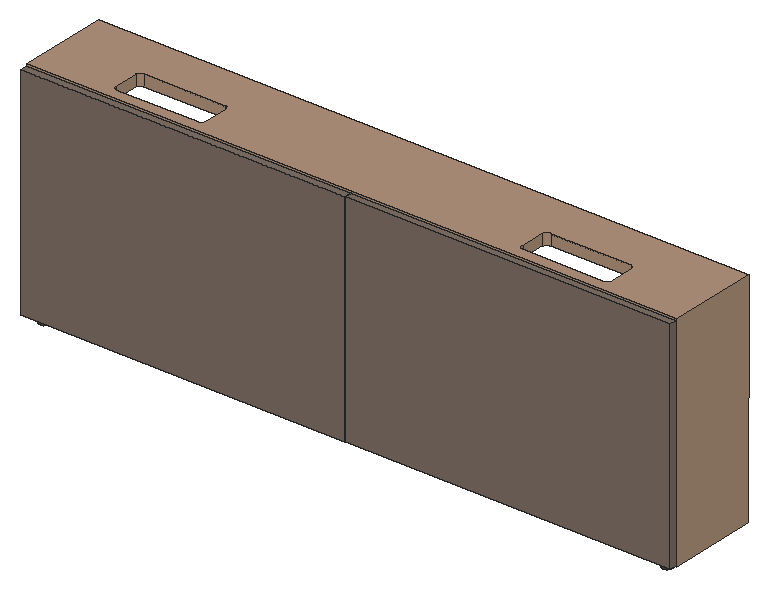
Revit family "Workstations-Height_Adjustable-Teknion-BHKHA-Mid_Height_Kneespace_Module-R2018", category Furniture, Revit 2018
Family settings
  OmniClass Number = 23.40.20.00
  OmniClass Title = General Furniture and Specialties
  Work Plane-Based = No
  Always vertical = Yes
  Cut with Voids When Loaded = No
  Shared = Yes
  Room Calculation Point = No
Parameters (values of type "9"d x 21"h")
  Width [instance] = 60.000"
  Warranty = "http://www.teknion.com/ca/papers/legal-canada"
  Unit Weight URL = "http://www.teknion.com/ca/tools/assets#&asset=bee6a381-b954-425e-8283-5a2de3a804f2,f828d448-4b62-4231-9e5f-9a8991c0ed77"
  URL = "www.teknion.com"
  To render please download texture images found here [instance] = "https://assets.teknion.com/web/5e81352c1dfdb467/revit-material-swatches/"
  Sustainability Data = "https://www.teknion.com/ca/tools/assets#&topic=216f99a5-57a0-44fc-b10a-9dee9b29ae4c&asset=444deb64-fe58-4b68-981e-f75e97781df7,b4ff2d81-9f2e-437d-9659-7cffb09c31cf"
  Series = "Expansion Casegoods"  # constant formula
  Product Page URL = "https://www.teknion.com/ca/products/product-details?productLineId=0053336e-8e7a-673b-a6c8-ff00004460c4"
  Product Line = "Expansion Casegoods"  # constant formula
  Product Documentation Link = "https://www.teknion.com/pricing/expansion-casegoods/pdfs/BHKHA_ppg.pdf"
  Part Number = "BHKHA"  # constant formula
  Model = "BHKHA9__21"
  Manufacturer Phone = "416-661-3370"  # constant formula
  Manufacturer Fax = "416.661.4586"  # constant formula
  Manufacturer Contact Information = "http://www.teknion.com/ca/contactus"
  Manufacturer Address = "1150 Flint Road, Toronto, ON. M3J 2J5. Canada"  # constant formula
  Manufacturer = "Teknion"  # constant formula
  How To Use Teknion Materials User Guide [instance] = "https://assets.teknion.com/m/205dd0a49fa58060/original/How-to-add-a-Material-Library-and-Texture-Images-to-your-Revit-project.pdf"
  Front Finish [instance] = Veneer-Teknion-5U-Flintwood-Raw_Umber
  For Additional Finishes please visit [instance] = "https://assets.teknion.com/m/44a8009b046e5d47/original/Teknion_Materials_Library.zip"
  Description = "Mid-Height Kneespace Module for Height-Adjustability, 9\" Depth, 21\" Height"
  Connection Node Visibility [instance] = yes
  Case Finish [instance] = Source Laminate - Teknion - 3M - Provincial Oak (Cross Grain)
  Cabinet Hole Offset [instance] = if(Width > 53.000", 7.060", 2.334")  # 7.060"
  Cabinet Divider Cut Hole Depth [instance] = if(Width > 59.000", 2.701", 0.500")  # 2.701"
  Cabinet Divider 2D Lines [instance] = if(Width > 59.000", 1 < 2, 1 > 2)  # yes
  Available Widths [instance] = "42, 48, 54, 60, 66, 72, 78, 84, or 90 inches."  # constant formula
  Assembly Code = "E2020200"
  Actual Width [instance] = if(Width = 42.000", 41.790", if(Width = 48.000", 47.760", if(Width = 54.000", 53.730", if(Width = 60.000", 59.700", if(Width = 66.000", 65.670", if(Width = 72.000", 71.640", if(Width = 78.000", 77.610", if(Width = 84.000", 83.580", if(Width = 90.000", 89.550", 41.790")))))))))  # 59.700"
Reference planes (in)
  plane 1 "Center Front/Back": y = 0.25676
  plane 2: z = 0
  plane 3 "Center Left/Right": x = -0.11732
  plane 4 "Left": x = -29.96732
  plane 5 "Right": x = 29.73268
  plane 6 "Back": y = 4.73426
  plane 7 "Front": y = -4.22074
  plane 8 "Top": z = 21
  plane 9: y = -6.22074
Forms (in)
  Sweep 1, solid, material "Source Laminate - Teknion - 3M - Provincial Oak (Cross Grain)" <- "Case Finish"
    path origin (0, 0.25676, 0) x (1, 0, 0) y (0, 0, 1)
      loop
        line (-0.11732, 0.60236) -> (-0.11732, 21)
    profile origin (-0.11732, 0.25676, 10.80118) x (-1, 0, 0) y (0, -1, 0)
      loop
        line (-29.85, 3.77671) -> (-29.85, -4.4775) -> (29.85, -4.4775) -> (29.85, 3.77671) -> (-29.85, 3.77671)
  Sweep 2, solid, material "Veneer-Teknion-5U-Flintwood-Raw_Umber" <- "Front Finish"
    path origin (0, 0, 0) x (1, 0, 0) y (0, 1, 0)
      loop
        line (-0.11732, -3.51995) -> (-0.11732, -4.22074)
    profile origin (-0.11732, -3.87034, 0) x (1, 0, 0) y (0, 0, 1)
      loop
        line (-29.85, 0.72047) -> (29.85, 0.72047) -> (29.85, 20.88189) -> (-29.85, 20.88189) -> (-29.85, 0.72047)
  Sweep 3, void
    path origin (0, 0.25676, 0) x (1, 0, 0) y (0, 0, 1)
      loop
        line (-23.49982, 19.23425) -> (-23.49982, 22.73425)
    profile origin (-23.49982, 0.25676, 20.98425) x (-1, 0, 0) y (0, -1, 0)
      loop
        line (-8.41337, -0.36333) -> (-1.03935, -0.36333)
        arc (-1.03935, -0.36333) -> (-0.72338, -0.23245) -> (-0.5925, 0.08352) r 0.44685
        line (-0.5925, 0.08352) -> (-0.5925, 2.30006)
        arc (-0.5925, 2.30006) -> (-0.72338, 2.61603) -> (-1.03935, 2.74691) r 0.44685
        line (-1.03935, 2.74691) -> (-8.41337, 2.74691)
        arc (-8.41337, 2.74691) -> (-8.72934, 2.61603) -> (-8.86022, 2.30006) r 0.44685
        line (-8.86022, 2.30006) -> (-8.86022, 0.08352)
        arc (-8.86022, 0.08352) -> (-8.72934, -0.23245) -> (-8.41337, -0.36333) r 0.44685
  Sweep 4, void
    path origin (0, 0.25676, 0) x (1, 0, 0) y (0, 0, 1)
      loop
        line (14.31018, 22.73425) -> (14.31018, 19.23425)
    profile origin (14.31018, 0.25676, 20.98425) x (0, -1, 0) y (1, 0, 0)
      loop
        line (-0.36333, 7.91565) -> (-0.36333, 0.54163)
        arc (-0.36333, 0.54163) -> (-0.23245, 0.22566) -> (0.08352, 0.09478) r 0.44685
        line (0.08352, 0.09478) -> (2.30006, 0.09478)
        arc (2.30006, 0.09478) -> (2.61603, 0.22566) -> (2.74691, 0.54163) r 0.44685
        line (2.74691, 0.54163) -> (2.74691, 7.91565)
        arc (2.74691, 7.91565) -> (2.61603, 8.23162) -> (2.30006, 8.3625) r 0.44685
        line (2.30006, 8.3625) -> (0.08352, 8.3625)
        arc (0.08352, 8.3625) -> (-0.23245, 8.23162) -> (-0.36333, 7.91565) r 0.44685
  Sweep 5, solid, material "Plastic - Teknion - E - Ebony"
    path origin (0, 0.25676, 0) x (1, 0, 0) y (0, 0, 1)
      loop
        line (-0.11732, 0) -> (-0.11732, 0.60236)
    profile origin (-0.11732, 0.25676, 0.30118) x (-1, 0, 0) y (0, -1, 0)
      loop
        circle (28.59264, -3.22941) r 0.5
      loop
        circle (28.59264, 3.22941) r 0.5
      loop
        circle (-28.59264, -3.22941) r 0.5
      loop
        circle (-28.59264, 3.22941) r 0.5
  Sweep 6, void
    path origin (0, 0.25676, 0) x (1, 0, 0) y (0, 0, 1)
      loop
        line (-0.11732, 1.61811) -> (-0.11732, 19.98425)
    profile origin (-0.11732, 0.25676, 10.80118) x (-1, 0, 0) y (0, -1, 0)
      loop
        line (28.83425, -3.77671) -> (28.83425, 3.77671) -> (-28.83425, 3.77671) -> (-28.83425, -3.77671) -> (28.83425, -3.77671)
  Sweep 7, void
    path origin (0, 0, 0) x (1, 0, 0) y (0, 1, 0)
      loop
        line (-0.11732, 4.73426) -> (-0.11732, 4.03348)
    profile origin (-0.11732, 4.38387, 0) x (1, 0, 0) y (0, 0, 1)
      loop
        line (-28.83425, 19.98425) -> (-28.83425, 9) -> (28.83425, 9) -> (28.83425, 19.98425) -> (-28.83425, 19.98425)
  Sweep 8, solid, material "Source Laminate - Teknion - 3M - Provincial Oak (Cross Grain)" <- "Case Finish"
    path origin (0, 0, 0) x (1, 0, 0) y (0, 1, 0)
      loop
        line (-0.6252, 0.25676) -> (0.39055, 0.25676)
    profile origin (-0.11732, 0.25676, 0) x (0, 1, 0) y (0, 0, 1)
      loop
        line (3.77671, 1.61811) -> (3.77671, 19.98425) -> (-3.77671, 19.98425) -> (-3.77671, 1.61811) -> (3.77671, 1.61811)
  Sweep 9, void
    path origin (0, 0, 0) x (1, 0, 0) y (0, 1, 0)
      loop
        line (-0.11732, -6.22074) -> (-0.11732, -3.51974)
    profile origin (-0.11732, -4.87024, 0) x (-1, 0, 0) y (0, 0, 1)
      loop
        line (0.05906, 20.88189) -> (-0.05906, 20.88189) -> (-0.05906, 0.72047) -> (0.05906, 0.72047) -> (0.05906, 20.88189)
Cuts and joins
  Sweep 3, Sweep 4, Sweep 6, Sweep 7 cuts Sweep 1
  Sweep 9 cuts Sweep 2
Lines and regions (in)
  Masking region 1
    outline origin (0, 0, 0) x (1, 0, 0) y (0, 1, 0)
      loop
        line (-29.96732, 4.73426) -> (-29.96732, -4.22074) -> (29.73268, -4.22074) -> (29.73268, 4.73426) -> (-29.96732, 4.73426)
  symbolic lines
    curve 1: line (-29.96732, -3.51995, 0) -> (29.73268, -3.51995, 0)
    curve 2: line (-15.08646, 0.62009, 0) -> (-22.46047, 0.62009, 0)
    curve 3: line (-22.46047, -2.49014, 0) -> (-15.08646, -2.49014, 0)
    curve 4: line (-22.90732, 0.17324, 0) -> (-22.90732, -2.04329, 0)
    curve 5: line (-14.63961, -2.04329, 0) -> (-14.63961, 0.17324, 0)
    curve 6: arc (-22.90732, 0.17324, 0) -> (-22.77644, 0.48921, 0) -> (-22.46047, 0.62009, 0) r 0.44685
    curve 7: arc (-15.08646, 0.62009, 0) -> (-14.77049, 0.48921, 0) -> (-14.63961, 0.17324, 0) r 0.44685
    curve 8: arc (-14.63961, -2.04329, 0) -> (-14.77049, -2.35927, 0) -> (-15.08646, -2.49014, 0) r 0.44685
    curve 9: arc (-22.46047, -2.49014, 0) -> (-22.77644, -2.35927, 0) -> (-22.90732, -2.04329, 0) r 0.44685
    curve 10: line (22.22583, 0.62009, 0) -> (14.85181, 0.62009, 0)
    curve 11: line (14.40496, 0.17324, 0) -> (14.40496, -2.04329, 0)
    curve 12: line (22.67268, -2.04329, 0) -> (22.67268, 0.17324, 0)
    curve 13: line (14.85181, -2.49014, 0) -> (22.22583, -2.49014, 0)
    curve 14: arc (14.85181, 0.62009, 0) -> (14.53584, 0.48921, 0) -> (14.40496, 0.17324, 0) r 0.44685
    curve 15: arc (22.67268, 0.17324, 0) -> (22.5418, 0.48921, 0) -> (22.22583, 0.62009, 0) r 0.44685
    curve 16: arc (14.40496, -2.04329, 0) -> (14.53584, -2.35927, 0) -> (14.85181, -2.49014, 0) r 0.44685
    curve 17: arc (22.22583, -2.49014, 0) -> (22.5418, -2.35927, 0) -> (22.67268, -2.04329, 0) r 0.44685
  symbolic lines, style "FurnitureHiddenLines", detail levels medium+fine
    curve 18: line (-28.95157, 4.73426, 0) -> (-28.95157, -3.51995, 0)
    curve 19: line (28.71693, 4.03348, 0) -> (-28.95157, 4.03348, 0)
    curve 20: line (28.71693, -3.51995, 0) -> (28.71693, 4.73426, 0)
    curve 21: line (0.39055, -3.51995, 0) -> (0.39055, 4.03348, 0)
    curve 22: line (-0.6252, -3.51995, 0) -> (-0.6252, 4.03348, 0)
  symbolic lines, style "FurnitureHiddenLines", detail levels fine
    curve 23: arc (-28.20997, 3.48618, 0) -> (-28.70997, 2.98618, 0) -> (-29.20997, 3.48618, 0) r 0.5
    curve 24: arc (-29.20997, 3.48618, 0) -> (-28.70997, 3.98618, 0) -> (-28.20997, 3.48618, 0) r 0.5
    curve 25: arc (-29.20997, -2.97265, 0) -> (-28.70997, -2.47265, 0) -> (-28.20997, -2.97265, 0) r 0.5
    curve 26: arc (-28.20997, -2.97265, 0) -> (-28.70997, -3.47265, 0) -> (-29.20997, -2.97265, 0) r 0.5
    curve 27: arc (27.97532, 3.48618, 0) -> (28.47532, 3.98618, 0) -> (28.97532, 3.48618, 0) r 0.5
    curve 28: arc (28.97532, 3.48618, 0) -> (28.47532, 2.98618, 0) -> (27.97532, 3.48618, 0) r 0.5
    curve 29: arc (27.97532, -2.97265, 0) -> (28.47532, -2.47265, 0) -> (28.97532, -2.97265, 0) r 0.5
    curve 30: arc (28.97532, -2.97265, 0) -> (28.47532, -3.47265, 0) -> (27.97532, -2.97265, 0) r 0.5
  symbolic lines, visible <- "Cabinet Divider 2D Lines"
    curve 31: line (-0.17638, -3.51995, 0) -> (-0.17638, -4.22074, 0)
    curve 32: line (-0.05827, -4.22074, 0) -> (-0.05827, -3.51995, 0)
Dimensions and locks (in)
  "Actual Width": plane 4 "Left" to plane 5 "Right"
  locked: plane 6 "Back" to plane 7 "Front" at 8.955
  locked: plane 8 "Top" to level at 21
  equal spacing: plane 7 "Front", plane 1 "Center Front/Back", plane 6 "Back"
  equal spacing: plane 4 "Left", plane 3 "Center Left/Right", plane 5 "Right"
  locked: Sweep 1 sketch curve to plane 2 at 0.60236
  locked: plane 7 "Front" to Sweep 1 sketch curve at 0.70079
  locked: plane 7 "Front" to Sweep 2 sketch curve at 0.70079
  locked: plane 8 "Top" to Sweep 2 sketch curve at 0.11811
  locked: Sweep 2 sketch curve to level at 0.72047
  Sweep 3 sketch curve to plane 8 "Top" to Sweep 3 sketch curve = 1.73425" locked, 1.76575" locked
  Sweep 3 sketch curve to Sweep 3 sketch curve to Sweep 3 sketch curve to Sweep 3 sketch curve to Sweep 3 sketch curve to Sweep 3 sketch curve = 0.44685" locked, 0.000" locked, 7.37402" locked, 0.000" locked, 0.44685" locked
  Sweep 3 sketch curve to Sweep 3 sketch curve to Sweep 3 sketch curve to Sweep 3 sketch curve to Sweep 3 sketch curve to plane 1 "Center Front/Back" to Sweep 3 sketch curve = 0.44685" locked, 0.000" locked, 2.21654" locked, 0.000" locked, 0.08352" locked, 0.36333" locked
  Sweep 4 sketch curve to plane 8 "Top" to Sweep 4 sketch curve = 1.73425" locked, 1.76575" locked
  Sweep 4 sketch curve to Sweep 4 sketch curve to Sweep 4 sketch curve to Sweep 4 sketch curve to Sweep 4 sketch curve to Sweep 4 sketch curve = 0.44685" locked, 0.000" locked, 7.37402" locked, 0.000" locked, 0.44685" locked
  Sweep 4 sketch curve to Sweep 4 sketch curve to Sweep 4 sketch curve to Sweep 4 sketch curve to Sweep 4 sketch curve to plane 1 "Center Front/Back" to Sweep 4 sketch curve = 0.44685" locked, 0.000" locked, 2.21654" locked, 0.000" locked, 0.08352" locked, 0.36333" locked
  locked: Sweep 5 sketch curve to plane 2 at 0.60236
  locked: plane 4 "Left" to Sweep 5 sketch curve at 1.25736  (x2)
  locked: plane 6 "Back" to Sweep 5 sketch curve at 1.24809  (x2)
  locked: Sweep 5 sketch curve to plane 5 "Right" at 1.25736  (x2)
  locked: plane 7 "Front" to Sweep 5 sketch curve at 1.24809  (x2)
  locked: plane 8 "Top" to Sweep 6 sketch curve at 1.01575
  locked: Sweep 6 sketch curve to plane 2 at 1.61811
  locked: plane 6 "Back" to Sweep 6 sketch curve at 0.70079
  locked: plane 4 "Left" to Sweep 6 sketch curve at 1.01575
  locked: plane 7 "Front" to Sweep 6 sketch curve at 0.70079
  locked: Sweep 6 sketch curve to plane 5 "Right" at 1.01575
  locked: Sweep 7 sketch curve to plane 4 "Left" at 1.01575
  locked: Sweep 7 sketch curve to plane 5 "Right" at 1.01575
  locked: plane 8 "Top" to Sweep 7 sketch curve at 1.01575
  locked: Sweep 7 sketch curve to plane 2 at 9
  Sweep 8 sketch curve to plane 3 "Center Left/Right" to Sweep 8 sketch curve = 0.50787" locked, 0.50787" locked
  locked: plane 6 "Back" to Sweep 8 sketch curve at 0.70079
  locked: plane 8 "Top" to Sweep 8 sketch curve at 1.01575
  locked: Sweep 8 sketch curve to plane 7 "Front" at 0.70079
  locked: Sweep 8 sketch curve to level at 1.61811
  locked: plane 7 "Front" to plane 9 at 2
  "Cabinet Divider Cut Hole Depth": Sweep 9 sketch curve to plane 9
  Sweep 9 sketch curve to plane 3 "Center Left/Right" to Sweep 9 sketch curve = 0.05906" locked, 0.05906" locked
  locked: plane 8 "Top" to Sweep 9 sketch curve at 0.11811
  locked: Sweep 9 sketch curve to plane 2 at 0.72047
  "Cabinet Hole Offset": plane 4 "Left" to Sweep 3 sketch curve
  "Cabinet Hole Offset": Sweep 4 sketch curve to plane 5 "Right"
  locked: plane 6 "Back" to nested 1 at 3
  aligned and locked: level to plane 2
  aligned and locked: plane 8 "Top" to Sweep 1 sketch curve
  aligned and locked: plane 3 "Center Left/Right" to Sweep 1 sketch curve
  aligned and locked: plane 4 "Left" to Sweep 1 sketch curve
  aligned and locked: Sweep 1 sketch curve to plane 6 "Back"
  aligned and locked: Sweep 1 sketch curve to plane 5 "Right"
  aligned and locked: plane 7 "Front" to Sweep 2 sketch curve
  aligned and locked: Sweep 2 sketch curve to plane 5 "Right"
  aligned and locked: Sweep 2 sketch curve to plane 4 "Left"
  aligned and locked: plane 2 to Sweep 5 sketch curve
  aligned and locked: plane 1 "Center Front/Back" to Sweep 8 sketch curve
  aligned and locked: plane 9 to Sweep 9 sketch curve
  aligned and locked: Masking region 1 sketch curve to plane 4 "Left"
  aligned and locked: Masking region 1 sketch curve to plane 6 "Back"
  aligned and locked: Masking region 1 sketch curve to plane 5 "Right"
  aligned and locked: Masking region 1 sketch curve to plane 7 "Front"
  aligned and locked: curve 1 to cut or joined group of Sweep 1, Sweep 3, Sweep 4, Sweep 6, Sweep 7
  aligned and locked: curve 6 to cut or joined group of Sweep 1, Sweep 3, Sweep 4, Sweep 6, Sweep 7
  aligned and locked: curve 7 to cut or joined group of Sweep 1, Sweep 3, Sweep 4, Sweep 6, Sweep 7
  aligned and locked: curve 8 to cut or joined group of Sweep 1, Sweep 3, Sweep 4, Sweep 6, Sweep 7
  aligned and locked: curve 9 to cut or joined group of Sweep 1, Sweep 3, Sweep 4, Sweep 6, Sweep 7
  aligned and locked: curve 14 to cut or joined group of Sweep 1, Sweep 3, Sweep 4, Sweep 6, Sweep 7
  aligned and locked: curve 15 to cut or joined group of Sweep 1, Sweep 3, Sweep 4, Sweep 6, Sweep 7
  aligned and locked: curve 16 to cut or joined group of Sweep 1, Sweep 3, Sweep 4, Sweep 6, Sweep 7
  aligned and locked: curve 17 to cut or joined group of Sweep 1, Sweep 3, Sweep 4, Sweep 6, Sweep 7
  aligned and locked: curve 18 to cut or joined group of Sweep 1, Sweep 3, Sweep 4, Sweep 6, Sweep 7
  aligned and locked: curve 19 to cut or joined group of Sweep 1, Sweep 3, Sweep 4, Sweep 6, Sweep 7
  aligned and locked: curve 20 to cut or joined group of Sweep 1, Sweep 3, Sweep 4, Sweep 6, Sweep 7
  aligned and locked: curve 21 to Sweep 8
  aligned and locked: curve 22 to Sweep 8
  aligned and locked: curve 23 to Sweep 5
  aligned and locked: curve 24 to Sweep 5
  aligned and locked: curve 25 to Sweep 5
  aligned and locked: curve 26 to Sweep 5
  aligned and locked: curve 27 to Sweep 5
  aligned and locked: curve 28 to Sweep 5
  aligned and locked: curve 29 to Sweep 5
  aligned and locked: curve 30 to Sweep 5
  aligned and locked: curve 31 to cut or joined group of Sweep 2, Sweep 9
  aligned and locked: cut or joined group of Sweep 2, Sweep 9 to curve 32
  aligned and locked: plane 3 "Center Left/Right" to nested 1
Automatic sketch dimensions
  Sweep 2 sketch curve to plane 3 "Center Left/Right" = 0.000"
  plane 4 "Left" to Sweep 3 sketch curve = 6.4675"
  plane 3 "Center Left/Right" to Sweep 4 sketch curve = 14.4275"
  Sweep 5 sketch curve to plane 3 "Center Left/Right" = 0.000"
  Sweep 6 sketch curve to plane 3 "Center Left/Right" = 0.000"
  Sweep 7 sketch curve to plane 3 "Center Left/Right" = 0.000"
  Sweep 7 sketch curve to plane 6 "Back" = 0.000"
  Sweep 7 sketch curve to plane 6 "Back" = 0.70079"
  Sweep 9 sketch curve to plane 3 "Center Left/Right" = 0.000"
  curve 1 to plane 4 "Left" = 0.000"
  curve 1 to plane 5 "Right" = 0.000"
  plane 7 "Front" to curve 32 = 0.000"
  plane 7 "Front" to curve 31 = 0.000"
  plane 6 "Back" to curve 20 = 0.000"
  curve 18 to plane 6 "Back" = 0.000"
  radius of Sweep 5 sketch curve = 0.500"  (x4)
Nested families (in)
  nested 1: "Teknion_2D_Node_Family-R2016" at (-0.11732, 1.73426, 0), visible <- "Connection Node Visibility", type "Teknion_2D_Node_Family-R2016"
Definition of nested family "Teknion_2D_Node_Family-R2016"
  Reference planes (in)
    plane 1 "Center (Front/Back)": y = 0
    plane 2: z = 0
    plane 3 "Center (Left/Right)": x = 0
  Lines and regions (in)
    detail lines, in view "Ref. Level"
      curve 1: circle (0, 0, 0) r 1.25 normal (0, 0, 1)
      curve 2: line (1.91508, -1.91508, 0) -> (-1.91508, 1.91508, 0)
      curve 3: line (-1.91508, -1.91508, 0) -> (1.91508, 1.91508, 0)
